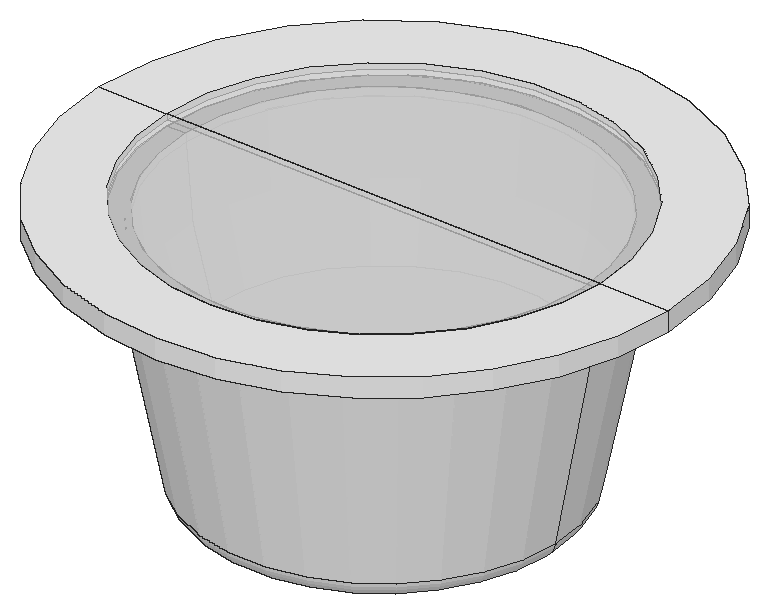
Revit family "2060557+2028036 Sylvania Lighting Fixture ASCENT 100 II ARCH 1900 4K DALI 160 with IP44 Frost Glass", category Lighting Fixtures, host Face, Revit 2016
Family settings
  Host = Face
  Part Type = Normal
  Round Connector Dimension = Use Diameter
  OmniClass Number = 23.80.70.11.17
  OmniClass Title = Specialized Lighting by Location or Use
  Cut with Voids When Loaded = No
  Light Source = Yes
  Shared = No
  Room Calculation Point = No
Parameters (values of type "2060557+2028036 ASCT100 II ARCH 1900 4K DALI 160 with IP44 Frost Glass")
  WidthBezelAcc_SYL = 25.0 mm
  Weight = "1.2 kg"
  Wattage = 17 W
  WarrantyStartDate [instance] = "n/a"
  WarrantyGuarantorParts = "n/a"
  WarrantyDurationUnit = "n/a"
  WarrantyDurationParts = "n/a"
  WarrantyDescription = "n/a"
  built-in parameter 1150110 = 1 (stored number, unit not read)
  Voltage = 0 V
  VisibilityAccessory_SYL = yes
  TypeName = "ASCENT 100 II ARCH 1900 4K DALI 160 with IP44 Frost Glass"
  built-in parameter 1114217 = 1 (stored number, unit not read)
  Tilt Angle = -90°
  built-in parameter 1150109 = 1 (stored number, unit not read)
  built-in parameter 1150134 = 12
  built-in parameter 1150113 = 1 (stored number, unit not read)
  SerialNumber [instance] = "n/a"
  ReflectorRadius_SYL = Radius_SYL - 14.5 mm  # 80.0 mm
  RadiusAcc_SYL = 105.0 mm
  Radius_SYL = 94.5 mm
  URL = "http://www.sylvania-lighting.com"
  PowerFactor = 0
  PowerConsumption = "17 W"
  Photometric Web File = "2060557.ies"
  NominalWidth = 0.0 mm
  NominalLength = 0.0 mm
  NominalHeight = 94.0 mm
  Name = "ASCENT 100 II ARCH 1900 4K DALI 160 with IP44 Frost Glass"
  ModelReference = "ASCENT 100 II ARCH 1900 4K DALI 160 with IP44 Frost Glass"
  ModelNumber = "2060557+2028036"
  Material_4_SYL = none
  Material_3_SYL = Polycarbonate_Sylvania_Ascent_Opal
  Material_2_SYL = Aluminium_Sylvania_Ascent_Silver
  Material_1_SYL = Aluminum_Sylvania_Ascent_White
  Material = "aluminium housing, arcylic diffuser"
  ManufacturerName = "Feilo Sylvania"
  LuminousEfficacy = "113 lm/W"
  built-in parameter 1150105 = 152.87 (stored number, unit not read)
  Lumens = 1921 lm
  LuminaireType = ""
  built-in parameter 1150115 = 1 (stored number, unit not read)
  LightOutputRatio = "100"
  built-in parameter 1150137 = (empty or 0)
  built-in parameter 1150139 = (empty or 0)
  LampsType = Lamp  # "LED"
  LampNominalLuminous = "1921 lm"
  LampMacAdamStep = "3"
  LampColourTemperature = "4000 K"
  LampColourRenderingIndex = "80"
  built-in parameter 1150112 = 1 (stored number, unit not read)
  built-in parameter 1150114 = 1 (stored number, unit not read)
  Keynote = "16500"
  InstallationDate [instance] = "n/a"
  InputVoltage = "n/a"
  InputNominalFrequency = "n/a"
  built-in parameter 1150132 = (empty or 0)
  built-in parameter 1150102 = (empty or 0)
  built-in parameter 1150107 = 4000 (stored number, unit not read)
  built-in parameter 1150138 = (empty or 0)
  IngressProtection = "IP44"
  ImpactProtectionIndex = "IK02"
  built-in parameter 1150106 = 1.5287 (stored number, unit not read)
  IfcExportType = "IfcLightFixtureType"
  IfcExportAs = "IfcLightFixtureType"
  Height_SYL = 94.0 mm
  HeightAcc_SYL = 7.0 mm
  ExpectedLife = 50000
  EmittionSurface_SYL = if(VisibilityAccessory_SYL, 7.0 mm, 3.0 mm)  # 7.0 mm
  Emit from Circle Diameter = DiffuserRadius_SYL * 2  # 146.0 mm
  Emit Shape Visible in Rendering = no
  ElectricShockClassification = "Class II"
  built-in parameter 1150104 = 10.498 (stored number, unit not read)
  DurationUnit = "hours"
  DocumentationLiterature = "http://www.sylvania-lighting.com/product/en-int/products/2060557"
  DimmingControlOptions = "n/a"
  Dimming Lamp Color Temperature Shift = <None>
  DiffuserRadius_SYL = ReflectorRadius_SYL - 7.0 mm  # 73.0 mm
  Diameter_SYL = 2 * Radius_SYL  # 189.0 mm
  CutoutDiameter_SYL = Diameter_SYL - 13.0 mm  # 176.0 mm
  CreatedOn = "9/17/2018"
  CreatedBy = "@sylvania-lighting.com"
  Color Filter = 16777215
  built-in parameter 1114216 [instance] = 1 (stored number, unit not read)
  Model = "ASCENT 100 II ARCH 1900 4K DALI 160 with IP44 Frost Glass"
  Manufacturer = "Feilo Sylvania"
  Lamp = "LED"
  Description = "Direct LED retro fit for original LED 100 Arch (160) single CFL lamp offering Matching lumen levels and improved light distribution of original LED 100 CFL lamp equivalents Typically half the power consumption compared to CFL Up to 112lm/W 160mm aperture Architectural reflector accepts range of glass accessories from existing LED 100 Arch 160 offering HE, HO and VHO versions equivalent of single 1 x 18W, 1 x 32W, 1 x 42W\r\n Additional VVHO versions which offer the performance circa 2 x 32W equivalent"  # constant formula
  Default Elevation = 0.0 mm
  built-in parameter 1140040 [instance] = 1
  BarCode [instance] = "n/a"
  built-in parameter 1114218 = 1 (stored number, unit not read)
  built-in parameter 1150133 = 10 (stored number, unit not read)
  AssetType = "Fixed"
  AssetIdentifier [instance] = "n/a"
  Assembly Code = "D5020200"
  Apparent Load = 17 VA
  Aperture_SYL = 2 * ReflectorRadius_SYL  # 160.0 mm
Reference planes
  plane 1 "Center (Front/Back)": y = 0
  plane 2: z = 0
  plane 3 "Center (Left/Right)": x = 0
  plane 4 "Fixture Bottom": z = 3
  plane 5: z = -52.5
  plane 6 "Fixture Top": z = -91
  plane 7: x = -105
  plane 8: z = 7
  plane 9: x = -80
  plane 10: z = 5
  plane 11: x = -103
Forms (mm)
  Extrusion 1, solid, material "Aluminum_Sylvania_Ascent_White", detail levels fine
    sketch origin (0, 0, 0) x (1, 0, 0) y (0, 1, 0)
      loop
        circle (0, 0) r 94.5
      loop
        circle (0, 0) r 80
    from 0 to 3
  Extrusion 2, void
    sketch origin (0, 0, 0) x (1, 0, 0) y (0, 1, 0)
      loop
        circle (0, 0) r 88
    from -91 to 3
  Revolve 3, solid, material "Aluminum_Sylvania_Ascent_White" <- "Material_1_SYL", detail levels fine
    sketch origin (0, 0, 0) x (1, 0, 0) y (0, 0, 1)
      loop
        line (0, -91.073) -> (0, -89.023) -> (-55.468, -89.014)
        arc (-55.468, -89.014) -> (-59.352, -87.613) -> (-61.54, -84.139) r 6.307
        line (-61.54, -84.139) -> (-77.991, -2.844) -> (-77.991, 0) -> (-80, 0) -> (-80, -3) -> (-63.5, -84.536)
        arc (-63.5, -84.536) -> (-60.643, -89.203) -> (-55.5, -91.073) r 8.291
        line (-55.5, -91.073) -> (0, -91.073)
      axis (0, 0) -> (0, -91.073)
    angle from 0 to 360
  Revolve 4, solid, material "Aluminium_Sylvania_Ascent_Silver" <- "Material_2_SYL", detail levels fine
    sketch origin (0, 0, 0) x (1, 0, 0) y (0, 0, 1)
      loop
        line (-80, 3) -> (-80, 0) -> (-75, 0)
        arc (-75, 0) -> (-72.349, -26.77) -> (-64.5, -52.5) r 136.5
        line (-64.5, -52.5) -> (-58, -52.5)
        arc (-58, -52.5) -> (-56.857, -61.521) -> (-53.5, -69.971) r 36.166
        line (-53.5, -69.971) -> (0, -69.971) -> (0, -50.5) -> (-63.16, -50.5)
        arc (-63.16, -50.5) -> (-70.517, -25.725) -> (-73, 0) r 134.5
        line (-73, 0) -> (-73, 3) -> (-80, 3)
      axis (0, 3) -> (0, -69.971)
    angle from 0 to 360
  Extrusion 5, solid, material "Polycarbonate_Sylvania_Ascent_Opal" <- "Material_3_SYL", detail levels fine
    sketch origin (0, 0, 0) x (1, 0, 0) y (0, 1, 0)
      loop
        circle (0, 0) r 73
    from 0 to 3
  Revolve 6, solid, material "Aluminum_Sylvania_Ascent_White" <- "Material_1_SYL", detail levels coarse+medium
    sketch origin (0, 0, 0) x (1, 0, 0) y (0, 0, 1)
      loop
        line (0, -91.073) -> (0, 3) -> (-94.5, 3) -> (-94.5, 0) -> (-79.5, 0) -> (-79.5, -3) -> (-63, -84.536)
        arc (-63, -84.536) -> (-60.143, -89.203) -> (-55, -91.073) r 8.291
        line (-55, -91.073) -> (0, -91.073)
      axis (0, 3) -> (0, -91.073)
    angle from 0 to 360
  Revolve 7, solid, material "Aluminum_Sylvania_Ascent_White" <- "Material_1_SYL", visible <- "VisibilityAccessory_SYL"
    sketch origin (0, 0, 0) x (1, 0, 0) y (0, 0, 1)
      loop
        line (-105, 0) -> (-103, 0) -> (-103, 5) -> (-80, 5) -> (-80, 7) -> (-105, 7) -> (-105, 0)
      axis (0, 7) -> (0, 0)
    angle from 0 to 360
  Revolve 8, solid, material "Polycarbonate_Sylvania_Ascent_Opal" <- "Material_3_SYL", visible <- "VisibilityAccessory_SYL"
    sketch origin (0, 0, 0) x (1, 0, 0) y (0, 0, 1)
      loop
        line (-80, 7) -> (-80, 5) -> (0, 5) -> (0, 7) -> (-80, 7)
      axis (0, 7) -> (0, 5)
    angle from 0 to 360
Lines and regions (mm)
  reference lines
    curve 1: line (-150, 0, 7) -> (125, 0, 7)
Dimensions and locks
  locked: plane 4 "Fixture Bottom" to plane 2 at 3
  "Height_SYL": plane 4 "Fixture Bottom" to plane 6 "Fixture Top"
  "ReflectorRadius_SYL": plane 3 "Center (Left/Right)" to Revolve 4 sketch curve
  locked: Revolve 4 sketch curve to Revolve 4 sketch curve at 15.5
  locked: Revolve 4 sketch curve to Revolve 4 sketch curve at 5
  locked: Revolve 4 sketch curve to Revolve 4 sketch curve at 7
  locked: Revolve 4 sketch curve to Revolve 4 sketch curve at 22
  locked: Revolve 4 sketch curve to Revolve 4 sketch curve at 26.5
  locked: Revolve 3 sketch curve to Revolve 3 sketch curve at 16.5
  locked: Revolve 3 sketch curve to Revolve 3 sketch curve at 24.5
  "ReflectorRadius_SYL": Revolve 3 sketch curve to plane 3 "Center (Left/Right)"
  locked: Revolve 3 sketch curve to plane 6 "Fixture Top" at 6.464
  locked: plane 2 to Revolve 3 sketch curve at 3
  locked: Revolve 3 sketch curve to Revolve 3 sketch curve at 2
  locked: Revolve 3 sketch curve to Revolve 3 sketch curve at 2.009
  locked: plane 2 to plane 5 at 52.5
  locked: Revolve 6 sketch curve to Revolve 6 sketch curve at 31.5
  locked: Revolve 6 sketch curve to Revolve 6 sketch curve at 39.5
  locked: Revolve 6 sketch curve to Revolve 6 sketch curve at 15
  "Radius_SYL": plane 3 "Center (Left/Right)" to Revolve 6 sketch curve
  "RadiusAcc_SYL": plane 3 "Center (Left/Right)" to plane 7
  "HeightAcc_SYL": plane 8 to level
  "WidthBezelAcc_SYL": plane 7 to plane 9
  locked: plane 7 to plane 11 at 2
  locked: plane 8 to plane 10 at 2
  "EmittionSurface_SYL": curve 1 to level
  "CutoutDiameter_SYL": diameter of Extrusion 2 sketch curve
  "ReflectorRadius_SYL": radius of Extrusion 1 sketch curve
  "DiffuserRadius_SYL": radius of Extrusion 5 sketch curve
  "Radius_SYL": radius of Extrusion 1 sketch curve
  aligned and locked: host face to plane 2
  aligned and locked: host face to level
  aligned and locked: plane 4 "Fixture Bottom" to Extrusion 1
  aligned and locked: Extrusion 1 to plane 2
  aligned and locked: Revolve 3 sketch curve to plane 3 "Center (Left/Right)"
  aligned and locked: Revolve 4 sketch curve to plane 3 "Center (Left/Right)"  (x2)
  aligned and locked: plane 4 "Fixture Bottom" to Revolve 4 sketch curve
  aligned and locked: Extrusion 5 to plane 2
  aligned and locked: plane 2 to Revolve 3 sketch curve  (x2)
  aligned and locked: Revolve 6 sketch curve to plane 3 "Center (Left/Right)"
  aligned and locked: plane 6 "Fixture Top" to Extrusion 2
  aligned and locked: Revolve 7 sketch curve to plane 3 "Center (Left/Right)"
  aligned and locked: host face to Revolve 7 sketch curve  (x2)
  aligned and locked: Revolve 7 sketch curve to plane 7
  aligned and locked: plane 8 to Revolve 7 sketch curve
  aligned and locked: plane 9 to Revolve 7 sketch curve
  aligned and locked: Revolve 7 sketch curve to plane 10
  aligned and locked: plane 11 to Revolve 7 sketch curve
  aligned and locked: Revolve 7 to Revolve 8 sketch curve
  aligned and locked: Revolve 8 sketch curve to Revolve 7  (x2)
  aligned and locked: Revolve 8 sketch curve to plane 3 "Center (Left/Right)"  (x2)
  aligned and locked: plane 3 "Center (Left/Right)" to imposter light
  aligned and locked: imposter light to plane 1 "Center (Front/Back)"
  aligned and locked: imposter light to curve 1
Automatic sketch dimensions
  plane 1 "Center (Front/Back)" to Extrusion 2 sketch curve = 0.0 mm
  Extrusion 2 sketch curve to plane 3 "Center (Left/Right)" = 0.0 mm
  Extrusion 1 sketch curve to Extrusion 1 sketch curve = 0.0 mm  (x2)
  plane 1 "Center (Front/Back)" to Extrusion 1 sketch curve = 0.0 mm
  Extrusion 1 sketch curve to plane 3 "Center (Left/Right)" = 0.0 mm
  plane 6 "Fixture Top" to Revolve 3 sketch curve = 0.073 mm
  Revolve 3 sketch curve to plane 6 "Fixture Top" = 6.861 mm
  Revolve 3 sketch curve to Revolve 3 sketch curve = 0.003 mm
  Revolve 3 sketch curve to Revolve 3 sketch curve = 0.009 mm  (x2)
  Revolve 3 sketch curve to Revolve 3 sketch curve = 0.023 mm
  Revolve 3 sketch curve to Revolve 3 sketch curve = 0.072 mm
  Revolve 3 sketch curve to Revolve 3 sketch curve = 0.008 mm
  Revolve 3 sketch curve to plane 6 "Fixture Top" = 1.977 mm
  Revolve 3 sketch curve to Revolve 3 sketch curve = 33.496 mm
  Revolve 3 sketch curve to Revolve 3 sketch curve = 0.028 mm
  plane 4 "Fixture Bottom" to Revolve 3 sketch curve = 82.431 mm
  Revolve 4 sketch curve to Revolve 4 sketch curve = 0.0 mm  (x2)
  Revolve 4 sketch curve to plane 5 = 0.0 mm
  Revolve 4 sketch curve to level = 0.0 mm
  plane 5 to Revolve 4 sketch curve = 2.0 mm
  plane 4 "Fixture Bottom" to Revolve 4 sketch curve = 9.642 mm
  plane 1 "Center (Front/Back)" to Extrusion 5 sketch curve = 0.0 mm
  Extrusion 5 sketch curve to plane 3 "Center (Left/Right)" = 0.0 mm
  Revolve 4 sketch curve to level = 69.971 mm
  Revolve 4 sketch curve to Revolve 4 sketch curve = 2.387 mm
  Revolve 6 sketch curve to level = 0.0 mm
  Revolve 6 sketch curve to plane 3 "Center (Left/Right)" = 0.0 mm
  Revolve 6 sketch curve to Revolve 6 sketch curve = 8.104 mm
  Revolve 6 sketch curve to level = 3.0 mm
  Revolve 6 sketch curve to plane 6 "Fixture Top" = 6.464 mm
  plane 6 "Fixture Top" to Revolve 6 sketch curve = 0.073 mm
  Revolve 6 sketch curve to Revolve 6 sketch curve = 33.496 mm
  plane 4 "Fixture Bottom" to Revolve 6 sketch curve = 82.431 mm
  host sketch curve to host sketch curve = 1704.996 mm
  host sketch curve to host sketch curve = 1500.0 mm
  plane 6 "Fixture Top" to Revolve 7 sketch curve = 281.274 mm
  Revolve 7 sketch curve to plane 8 = 1140.706 mm
  plane 6 "Fixture Top" to Revolve 8 sketch curve = 281.274 mm
  Revolve 8 sketch curve to Revolve 8 sketch curve = 1140.706 mm
  Revolve 3 sketch curve to plane 3 "Center (Left/Right)" = 0.0 mm
  Revolve 6 sketch curve to plane 4 "Fixture Bottom" = 0.0 mm
  plane 7 to curve 1 = 45.0 mm
  plane 3 "Center (Left/Right)" to curve 1 = 125.0 mm
Connectors
  electrical at (0, 0, -91.073), driven by "Apparent Load"
    settings: on Revolve 3, index 1, voltage 240 V, apparent load 0 VA, apparent load phase1 17 VA, apparent load phase2 0 VA, apparent load phase3 0 VA, power factor 1, load classification "Lighting", number of poles 1, system type 31, power factor state 1, is connector primary yes, connector utility no, sub classification motor no, connector description ""
